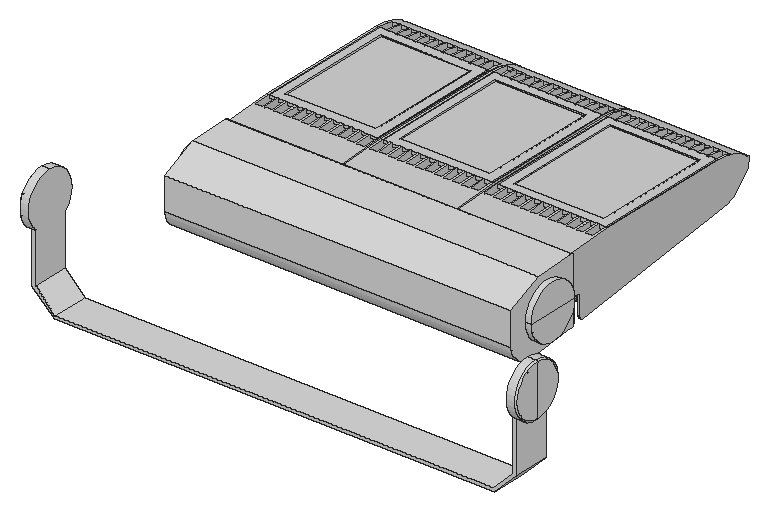
Revit family "0049129 Feilo Sylvania Lighting Fixture SYLVEO LED 30000LM RASYM 3K", category Lighting Fixtures, host Face, Revit 2017
Family settings
  Host = Face
  Round Connector Dimension = Use Diameter
  Part Type = Normal
  OmniClass Number = 23.80.70.00
  OmniClass Title = Lighting
  Cut with Voids When Loaded = No
  Light Source = No
  Shared = Yes
  Room Calculation Point = No
Parameters (values of type "0049129 SYLVEO LED 30000LM RASYM 3K")
  Weight = "15.844 kg"
  Wattage Comments = "n/a"
  WarrantyStartDate [instance] = "n/a"
  WarrantyGuarantorParts = "n/a"
  WarrantyDurationUnit = "n/a"
  WarrantyDurationParts = "n/a"
  WarrantyDescription = "n/a"
  Voltage = 230 V
  URL = "http://www.sylvania-lighting.com"
  TypeName = "SYLVEO LED 30000LM RASYM 3K"
  TypeBody_FEILO = Sylveo Extra Large Body : 0049129 SYLVEO LED 30000LM RASYM 3K
  Type Image = <None>
  Type Comments = "n/a"
  TotalWidth_FEILO = 648 mm
  TiltAngle_FEILO [instance] = 0.00°
  StartAngle_FEILO [instance] = -TiltAngle_FEILO  # 0.00°
  SerialNumber [instance] = "n/a"
  PowerFactor = 0
  PowerConsumption = "300.4 W"
  NominalWidth = 0 mm
  NominalLength = 648 mm
  NominalHeight = 392 mm
  Name = "SYLVEO LED 30000LM RASYM 3K"
  ModelReference = "SYLVEO LED 30000LM RASYM 3K"
  ModelNumber = "0049129"
  Material = "aluminium housing, glass diffuser"
  ManufacturerName = "Feilo Sylvania"
  LuminousEfficacy = "103 lm/W"
  LuminaireType = ""
  LightOutputRatio = "100"
  LampsType = Lamp  # "LED"
  LampNominalLuminous = "30935 lm"
  LampMacAdamStep = "6"
  LampColourTemperature = "3000 K"
  LampColourRenderingIndex = "70"
  InstallationDate [instance] = "n/a"
  InputVoltage = "100-240V~"
  InputNominalFrequency = "50 Hz"
  IngressProtection = "IP66"
  ImpactProtectionIndex = "IK08"
  IfcExportType = "IfcLightFixtureType"
  IfcExportAs = "IfcLightFixtureType"
  HingeHeight_FEILO = 121 mm
  HingeDia_FEILO = 70 mm
  ExpectedLife = 50000
  EndAngle_FEILO [instance] = StartAngle_FEILO + 180.00°  # 180.00°
  Material_3_FEILO = none
  Model = "SYLVEO LED 30000LM RASYM 3K"
  Manufacturer = "Feilo Sylvania"
  Lamp = "LED"
  Keynote = "16500"
  Material_2_FEILO = none
  ElectricShockClassification = "Class I"
  DurationUnit = "hours"
  DocumentationLiterature = "http://www.sylvania-lighting.com/product/en-int/products/0049129"
  DimmingControlOptions = "Non dimmable"
  Description = "Exterior LED Floodlight, comes complete with a 1000mm cable and adjustable bracket, aluminium housing, clear glass diffuser, IP66, IK08, Class I, 3000K, Non-dimming, 30935lm, 300W, 103lm/W, 8400mA, CRI70, 52°x117° beam angle, 50000hrs, (LxWxD) 98x648x392mm"
  Default Elevation = 1219.2 mm
  CreatedOn = "12/18/2017"
  CreatedBy = ""
  Cost = 0
  built-in parameter 1114216 [instance] = (empty or 0)
  ClassificationValue = "EF_70_80"
  ClassificationName = "Uniclass2015"
  BracketWidth_FEILO = 48 mm
  BracketThickness_FEILO = 4.5 mm
  BracketInnerWidth_FEILO = 623 mm
  BracketFold_FEILO = 30 mm
  BracketExtrusionStart_FEILO = -BracketWidth_FEILO / 2  # -24 mm
  BracketExtrusionEnd_FEILO = BracketWidth_FEILO / 2  # 24 mm
  Material_1_FEILO = Body-Sylvania-Sylveo-Aluminium
  BarCode [instance] = "n/a"
  AssetType = "Fixed"
  AssetIdentifier [instance] = "n/a"
  Assembly Code = "D5020200"
  Apparent Load = 300.4 VA
  Material_4_FEILO = none
Reference planes
  plane 1 "Center (Front/Back)": y = 0
  plane 2: z = 0
  plane 3 "Center (Left/Right)": x = 0
  plane 4: x = 311.5
  plane 5: x = -311.5
  plane 6: z = 121
  plane 7: x = 324
  plane 8: x = -324
  plane 9: z = 156
  plane 10: z = 86
  plane 11: x = 322
  plane 12: x = -322
  plane 13: x = 316
  plane 14: x = -316
  plane 15: z = 4.5
  plane 16: z = 30
  plane 17: x = 286
  plane 18: x = -286
  plane 19: z = 88
Forms (mm)
  Extrusion 1, solid, material "Body-Sylvania-Sylveo-Aluminium" <- "Material_1_FEILO"
    sketch origin (0, 0, 0) x (1, 0, 0) y (0, 0, 1)
      loop
        line (0, 4.5) -> (0, 0) -> (286.828, 0) -> (316, 29.172) -> (316, 121) -> (311.5, 121) -> (311.5, 30) -> (286, 4.5) -> (0, 4.5)
    from -24 <- "BracketExtrusionStart_FEILO" to 24 <- "BracketExtrusionEnd_FEILO"
  Extrusion 2, solid, material "Body-Sylvania-Sylveo-Aluminium" <- "Material_1_FEILO"
    sketch origin (0, 0, 0) x (-1, 0, 0) y (0, 0, -1)
      loop
        line (0, -4.5) -> (286, -4.5) -> (311.5, -30) -> (311.5, -121) -> (316, -121) -> (316, -29.172) -> (286.828, 0) -> (0, 0) -> (0, -4.5)
    from -24 <- "BracketExtrusionStart_FEILO" to 24 <- "BracketExtrusionEnd_FEILO"
  Revolve 3, solid, material "Body-Sylvania-Sylveo-Aluminium" <- "Material_1_FEILO"
    sketch origin (0, 0, 0) x (1, 0, 0) y (0, 0, 1)
      loop
        line (-311.5, 121) -> (-324, 121) -> (-324, 88) -> (-322, 86) -> (-311.5, 86) -> (-311.5, 121)
      axis (-311.5, 121) -> (-324, 121)
    angle from 0 to 360
  Revolve 4, solid, material "Body-Sylvania-Sylveo-Aluminium" <- "Material_1_FEILO"
    sketch origin (0, 0, 0) x (-1, 0, 0) y (0, 0, 1)
      loop
        line (-311.5, 121) -> (-324, 121) -> (-324, 88) -> (-322, 86) -> (-311.5, 86) -> (-311.5, 121)
      axis (-311.5, 121) -> (-324, 121)
    angle from 0 to 360
  Revolve 5, solid, not visible
    sketch origin (181.107, 0, 121) x (1, 0, 0) y (0, 1, 0)
      loop
        line (-191.101, 0) -> (-171.112, 0) -> (-171.112, 10) -> (-191.101, 10) -> (-191.101, 0)
      axis (-171.112, 0) -> (-191.101, 0)
    angle from 0 <- "StartAngle_FEILO" to 180 <- "EndAngle_FEILO"
Cuts and joins
  joined: Extrusion 1, Extrusion 2, Revolve 3, Revolve 4
Dimensions and locks
  equal spacing: plane 5, plane 3 "Center (Left/Right)", plane 4
  "BracketInnerWidth_FEILO": plane 5 to plane 4
  equal spacing: plane 7, plane 3 "Center (Left/Right)", plane 8
  "TotalWidth_FEILO": plane 7 to plane 8
  "HingeHeight_FEILO": plane 2 to plane 6
  equal spacing: plane 10, plane 6, plane 9
  "HingeDia_FEILO": plane 10 to plane 9
  equal spacing: plane 11, plane 3 "Center (Left/Right)", plane 12
  equal spacing: plane 13, plane 3 "Center (Left/Right)", plane 14
  "BracketFold_FEILO": plane 2 to plane 16
  "BracketThickness_FEILO": plane 2 to plane 15
  equal spacing: plane 17, plane 3 "Center (Left/Right)", plane 18
  locked: plane 19 to plane 10 at 2
  locked: Revolve 5 sketch curve to Revolve 5 sketch curve at 10
  equal spacing: Revolve 5 sketch curve, plane 3 "Center (Left/Right)", Revolve 5 sketch curve
  locked: Revolve 5 sketch curve to Revolve 5 sketch curve at 19.988
  locked: plane 7 to plane 11 at 2
  "BracketFold_FEILO": plane 13 to plane 17
  "BracketThickness_FEILO": plane 4 to plane 13
  aligned and locked: plane 2 to host face
  aligned and locked: level to host face
  aligned and locked: plane 10 to Revolve 3 sketch curve
  aligned and locked: Revolve 3 sketch curve to plane 8
  aligned and locked: plane 5 to Revolve 3 sketch curve
  aligned and locked: Revolve 3 sketch curve to plane 6  (x2)
  aligned and locked: Revolve 5 sketch curve to plane 1 "Center (Front/Back)"
  aligned and locked: plane 3 "Center (Left/Right)" to nested 1
Automatic sketch dimensions
  host sketch curve to host sketch curve = 2438.4 mm  (x2)
  Extrusion 1 sketch curve to plane 3 "Center (Left/Right)" = 0 mm  (x2)
  Extrusion 1 sketch curve to level = 0 mm  (x2)
  Extrusion 1 sketch curve to plane 15 = 0 mm
  Extrusion 1 sketch curve to plane 17 = 0 mm
  plane 4 to Extrusion 1 sketch curve = 0 mm
  Extrusion 1 sketch curve to plane 13 = 0 mm  (x2)
  Extrusion 1 sketch curve to plane 6 = 0 mm  (x2)
  Extrusion 1 sketch curve to plane 16 = 0 mm
  plane 17 to Extrusion 1 sketch curve = 0.828 mm
  Extrusion 1 sketch curve to plane 16 = 0.828 mm
  Extrusion 2 sketch curve to plane 3 "Center (Left/Right)" = 0 mm  (x2)
  Extrusion 2 sketch curve to level = 0 mm  (x2)
  Extrusion 2 sketch curve to plane 15 = 0 mm
  plane 18 to Extrusion 2 sketch curve = 0 mm
  plane 5 to Extrusion 2 sketch curve = 0 mm
  plane 14 to Extrusion 2 sketch curve = 0 mm  (x2)
  Extrusion 2 sketch curve to plane 6 = 0 mm  (x2)
  Extrusion 2 sketch curve to plane 16 = 0 mm
  Extrusion 2 sketch curve to plane 18 = 0.828 mm
  plane 16 to Extrusion 2 sketch curve = 0.828 mm
  plane 12 to Revolve 3 sketch curve = 0 mm
  Revolve 3 sketch curve to plane 19 = 0 mm
  plane 8 to Revolve 3 sketch curve = 77.715 mm
  plane 7 to Revolve 3 sketch curve = 78.607 mm
  Revolve 4 sketch curve to plane 6 = 0 mm  (x2)
  Revolve 4 sketch curve to plane 7 = 0 mm
  Revolve 4 sketch curve to plane 10 = 0 mm
  Revolve 4 sketch curve to plane 11 = 0 mm
  plane 4 to Revolve 4 sketch curve = 0 mm
  Revolve 4 sketch curve to plane 19 = 0 mm
  Revolve 4 sketch curve to Revolve 4 sketch curve = 77.715 mm
  Revolve 4 sketch curve to plane 8 = 78.607 mm
  plane 1 "Center (Front/Back)" to Revolve 5 sketch curve = 0 mm
  plane 8 to Revolve 5 sketch curve = 1421.5 mm
  plane 7 to Revolve 5 sketch curve = 1421.5 mm
Nested families
  nested 1: "Sylveo Extra Large Body" at (0, 137.375, 121), type <- "TypeBody_FEILO", type "0049129 SYLVEO LED 30000LM RASYM 3K"
    with Apparent Load 300.4 VA
Connectors
  electrical at (0, 0, 0), driven by "Apparent Load"
    settings: index 1, voltage 230 V, apparent load 300.4 VA, apparent load phase1 0 VA, apparent load phase2 0 VA, apparent load phase3 0 VA, power factor 0, load classification "Lighting", number of poles 1, system type 30, power factor state 1, is connector primary yes, connector utility no, sub classification motor no, connector description ""
Definition of nested family "Sylveo Extra Large Body"
  Parameters (values of type "0049147 SYLVEO LED 20000LM RASYM 4K DALI ")
    Weight = "11.516 kg"
    Wattage Comments = ""
    Wattage = 202 W
    WarrantyStartDate [instance] = "n/a"
    WarrantyGuarantorParts = "n/a"
    WarrantyDurationUnit = "n/a"
    WarrantyDurationParts = "n/a"
    WarrantyDescription = "n/a"
    built-in parameter 1150110 = 1 (stored number, unit not read)
    Voltage = 230 V
    URL = "http://www.feilosylvania.com"
    TypeName = "SYLVEO LED 20000LM RASYM 4K DALI"
    Type Image = (empty or 0)
    Type Comments = "n/a"
    built-in parameter 1114217 = 1 (stored number, unit not read)
    Tilt Angle = -90.00°
    built-in parameter 1150109 = 1 (stored number, unit not read)
    built-in parameter 1150134 = 12
    built-in parameter 1150113 = 1 (stored number, unit not read)
    SerialNumber [instance] = "n/a"
    Photometric Web File = "0049147.ies"
    Material_3_FEILO = none
    PowerFactor = 0.95
    PowerConsumption = "202 W"
    NominalLength = 98 mm
    NominalHeight = 392 mm
    NominalDepth = 496 mm
    Name = "SYLVEO LED 20000LM RASYM 4K DALI"
    ModelReference = Name  # "SYLVEO LED 20000LM RASYM 4K DALI"
    ModelNumber = "0049147"
    Model = Name  # "SYLVEO LED 20000LM RASYM 4K DALI"
    Material = "aluminum housing, glass diffuser"
    ManufacturerName = "Feilo Sylvania"
    Manufacturer = "Feilo Sylvania"
    LuminousEfficacy = "106.6 lm/W"
    built-in parameter 1150105 = 11127.1 (stored number, unit not read)
    Lumens = 21533.2 lm
    LuminaireType = ""
    built-in parameter 1150115 = 1 (stored number, unit not read)
    LightOutputRatio = "1"
    built-in parameter 1150137 = (empty or 0)
    built-in parameter 1150139 = (empty or 0)
    LampsType = Lamp  # "LED"
    LampNominalLuminous = "21542 lm"
    LampMacAdamStep = "6"
    LampColourTemperature = "4000 K"
    LampColourRenderingIndex = "70"
    built-in parameter 1150112 = 1 (stored number, unit not read)
    built-in parameter 1150114 = 1 (stored number, unit not read)
    Lamp = "LED"
    Keynote = "16500"
    InstallationDate [instance] = "n/a"
    InputVoltage = "100-240V~"
    InputNominalFrequency = "50/60 Hz"
    built-in parameter 1150132 = (empty or 0)
    built-in parameter 1150102 = (empty or 0)
    built-in parameter 1150107 = 4000 (stored number, unit not read)
    built-in parameter 1150138 = (empty or 0)
    IngressProtection = "IP66"
    ImpactProtectionIndex = "IK08"
    built-in parameter 1150106 = 111.27 (stored number, unit not read)
    IfcExportType = "IfcLightFixtureType"
    IfcExportAs = "IfcLightFixtureType"
    ExpectedLife = 50000
    Emit from Rectangle Width = 156 mm
    Emit from Rectangle Length = 415.5 mm
    Emit Shape Visible in Rendering = no
    ElectricShockClassification = "Class I"
    built-in parameter 1150104 = 9.9035 (stored number, unit not read)
    DurationUnit = "hours"
    DocumentationLiterature = "http://www.feilosylvania.com/product/en-int/products/0049147"
    DimmingControlOptions = "Dimmable"
    Material_2_FEILO = none
    Dimming Lamp Color Temperature Shift = (empty or 0)
    Description = "Exterior LED floodlight, comes complete with a 1000mm cable and adjustable bracket, aluminium housing, clear glass diffuser, 21542lm, 201W, 107lm/W, 4000K, 5002mA, CRI70, 52°x117° beam angle, DALI dimmable, IP66, IK08, Class I, 50000hrs, (LxWxD) 98x496x392mm"
    Default Elevation = 1219.2 mm
    CreatedOn = "1/9/2018"
    CreatedBy = "aron.fodor@feilosylvania.com"
    Cost = 0
    Color Filter = 16777215
    built-in parameter 1114216 [instance] = (empty or 0)
    ClassificationValue = "EF_70_80"
    ClassificationName = "Uniclass2015"
    Material_1_FEILO = none
    BarCode [instance] = "n/a"
    built-in parameter 1114218 = 1 (stored number, unit not read)
    built-in parameter 1150133 = 10 (stored number, unit not read)
    AssetType = "Fixed"
    AssetIdentifier [instance] = "n/a"
    Assembly Code = "D5020200"
    Apparent Load = 202 VA
    Material_4_FEILO = none
  Types (9, lengths in mm): name | Weight | Wattage | TypeName | built-in parameter 1150134 | Photometric Web File | PowerFactor | PowerConsumption | NominalLength | NominalDepth | Name | ModelReference | ModelNumber | Model | Material | LuminousEfficacy | built-in parameter 1150105 | Lumens | LightOutputRatio | LampNominalLuminous | LampColourTemperature | InputNominalFrequency | built-in parameter 1150107 | built-in parameter 1150106 | built-in parameter 1150104 | DocumentationLiterature | DimmingControlOptions | Description | Apparent Load
    0049147 SYLVEO LED 20000LM RASYM 4K DALI | "11.516 kg" | 202 W | "SYLVEO LED 20000LM RASYM 4K DALI" | 12 | "0049147.ies" | 0.95 | "202 W" | 98 | 496 | "SYLVEO LED 20000LM RASYM 4K DALI" | "SYLVEO LED 20000LM RASYM 4K DALI" | "0049147" | "SYLVEO LED 20000LM RASYM 4K DALI" | "aluminum housing, glass diffuser" | "106.6 lm/W" | 11127.1 (stored number, unit not read) | 21533.2 lm | "1" | "21542 lm" | "4000 K" | "50/60 Hz" | 4000 (stored number, unit not read) | 111.27 (stored number, unit not read) | 9.9035 (stored number, unit not read) | "http://www.feilosylvania.com/product/en-int/products/0049147" | "Dimmable" | "Exterior LED floodlight, comes complete with a 1000mm cable and adjustable bracket, aluminium housing, clear glass diffuser, 21542lm, 201W, 107lm/W, 4000K, 5002mA, CRI70, 52°x117° beam angle, DALI dimmable, IP66, IK08, Class I, 50000hrs, (LxWxD) 98x496x392mm" | 202 VA
    0049146 SYLVEO LED 20000LM WIDE 4K DALI | "11.516 kg" | 200 W | "SYLVEO LED 20000LM WIDE 4K DALI" | 12 | "0049146.ies" | 0.95 | "200 W" | 98 | 496 | "SYLVEO LED 20000LM WIDE 4K DALI" | "SYLVEO LED 20000LM WIDE 4K DALI" | "0049146" | "SYLVEO LED 20000LM WIDE 4K DALI" | "aluminum housing, glass diffuser" | "106.4 lm/W" | 25856.7 (stored number, unit not read) | 21280 lm | "1" | "21281 lm" | "4000 K" | "50/60 Hz" | 4000 (stored number, unit not read) | 258.57 (stored number, unit not read) | 9.8849 (stored number, unit not read) | "http://www.feilosylvania.com/product/en-int/products/0049146" | "Dimmable" | "Exterior LED floodlight, comes complete with a 1000mm cable and adjustable bracket, aluminium housing, clear glass diffuser, 21281lm, 200W, 106lm/W, 4000K, 5002mA, CRI70, 52° beam angle, DALI dimmable, IP66, IK08, Class I, 50000hrs, (LxWxD) 98x496x392mm" | 200 VA
    0049145 SYLVEO LED 20000LM NAR 4K DALI | "11.516 kg" | 201 W | "SYLVEO LED 20000LM NAR 4K DALI" | 12 | "0049145.ies" | 0.95 | "201 W" | 98 | 496 | "SYLVEO LED 20000LM NAR 4K DALI" | "SYLVEO LED 20000LM NAR 4K DALI" | "0049145" | "SYLVEO LED 20000LM NAR 4K DALI" | "aluminum housing, glass diffuser" | "107.5 lm/W" | 50417.9 (stored number, unit not read) | 21607.5 lm | "1" | "21605 lm" | "4000 K" | "50/60 Hz" | 4000 (stored number, unit not read) | 504.18 (stored number, unit not read) | 9.9871 (stored number, unit not read) | "http://www.feilosylvania.com/product/en-int/products/0049145" | "Dimmable" | "Exterior LED floodlight, comes complete with a 1000mm cable and adjustable bracket, aluminium housing, clear glass diffuser, 21605lm, 201W, 108lm/W, 4000K, 5002mA, CRI70, 30° beam angle, DALI dimmable, IP66, IK08, Class I, 50000hrs, (LxWxD) 98x496x392mm" | 201 VA
    0049123 SYLVEO LED 20000LM RASYM 3K | "11.516 kg" | 201.3 W | "SYLVEO LED 20000LM RASYM 3K" | (empty or 0) | "0049123.ies" | 0 | "201.3 W" | 496 | 98 | "SYLVEO LED 20000LM RASYM 3K" | "SYLVEO LED 20000LM RASYM 3K" | "0049123" | "SYLVEO LED 20000LM RASYM 3K" | "aluminium housing, glass diffuser" | "102.5 lm/W" | 10660.6 (stored number, unit not read) | 20633.3 lm | "100" | "20639 lm" | "3000 K" | "50 Hz" | 3000 (stored number, unit not read) | 106.61 (stored number, unit not read) | 9.5226 (stored number, unit not read) | "http://www.feilosylvania.com/product/en-int/products/0049123" | "Non dimmable" | "Exterior LED Floodlight, comes complete with a 1000mm cable and adjustable bracket, aluminium housing, clear glass diffuser, IP66, IK08, Class I, 3000K, Non-dimming, 20639lm, 201W, 103lm/W, 4800mA, CRI70, 52°x117° beam angle, 50000hrs, (LxWxD) 98x496x392mm, Asmmetric" | 201.3 VA
    0049122 SYLVEO LED 20000LM WIDE 3K | "11.5 kg" | 201.3 W | "SYLVEO LED 20000LM WIDE 3K" | (empty or 0) | "0049122.ies" | 0 | "201.3 W" | 496 | 98 | "SYLVEO LED 20000LM WIDE 3K" | "SYLVEO LED 20000LM WIDE 3K" | "0049122" | "SYLVEO LED 20000LM WIDE 3K" | "aluminium housing, glass diffuser" | "102.5 lm/W" | 25192 (stored number, unit not read) | 20633.3 lm | "100" | "20633 lm" | "3000 K" | "50 Hz" | 3000 (stored number, unit not read) | 251.92 (stored number, unit not read) | 9.5226 (stored number, unit not read) | "http://www.feilosylvania.com/product/en-int/products/0049122" | "Non dimmable" | "Exterior LED Floodlight, comes complete with a 1000mm cable and adjustable bracket, aluminium housing, clear glass diffuser, IP66, IK08, Class I, 3000K, Non-dimming, 20633lm, 201W, 103lm/W, 4800mA, CRI70, 52° beam angle, 50000hrs, (LxWxD) 98x496x392mm" | 201.3 VA
    0049121 SYLVEO LED 20000LM NAR 3K | "11.552 kg" | 200.6 W | "SYLVEO LED 20000LM NAR 3K" | (empty or 0) | "0049121.ies" | 0 | "200.6 W" | 496 | 98 | "SYLVEO LED 20000LM NAR 3K" | "SYLVEO LED 20000LM NAR 3K" | "0049121" | "SYLVEO LED 20000LM NAR 3K" | "aluminium housing, glass diffuser" | "103.9 lm/W" | 50639 (stored number, unit not read) | 20842.3 lm | "100" | "20834 lm" | "3000 K" | "50 Hz" | 3000 (stored number, unit not read) | 506.39 (stored number, unit not read) | 9.6526 (stored number, unit not read) | "http://www.feilosylvania.com/product/en-int/products/0049121" | "Non dimmable" | "Exterior LED Floodlight, comes complete with a 1000mm cable and adjustable bracket, aluminium housing, clear glass diffuser, IP66, IK08, Class I, 3000K, Non-dimming, 20834lm, 201W, 104lm/W, 4800mA, CRI70, 30° beam angle, 50000hrs, (LxWxD) 98x496x392mm" | 200.6 VA
    0049120 SYLVEO LED 20000LM RASYM 4K | "11.318 kg" | 200.6 W | "SYLVEO LED 20000LM RASYM 4K" | 12 | "0049120.ies" | 0 | "200.6 W" | 496 | 98 | "SYLVEO LED 20000LM RASYM 4K" | "SYLVEO LED 20000LM RASYM 4K" | "0049120" | "SYLVEO LED 20000LM RASYM 4K" | "aluminium housing, glass diffuser" | "107.4 lm/W" | 11131.4 (stored number, unit not read) | 21544.4 lm | "100" | "21546 lm" | "4000 K" | "50 Hz" | 4000 (stored number, unit not read) | 111.31 (stored number, unit not read) | 9.9778 (stored number, unit not read) | "http://www.feilosylvania.com/product/en-int/products/0049120" | "Non dimmable" | "Exterior LED Floodlight, comes complete with a 1000mm cable and adjustable bracket, aluminium housing, clear glass diffuser, IP66, IK08, Class I, 4000K, Non-dimming, 21546lm, 201W, 107lm/W, 4800mA, CRI70, 52°x117° beam angle, 50000hrs, (LxWxD) 98x496x392mm" | 200.6 VA
    0049119 SYLVEO LED 20000LM WIDE 4K | "11.472 kg" | 200.5 W | "SYLVEO LED 20000LM WIDE 4K" | 12 | "0049119.ies" | 0 | "200.5 W" | 496 | 98 | "SYLVEO LED 20000LM WIDE 4K" | "SYLVEO LED 20000LM WIDE 4K" | "0049119" | "SYLVEO LED 20000LM WIDE 4K" | "aluminium housing, glass diffuser" | "107.3 lm/W" | 27146.8 (stored number, unit not read) | 21513.6 lm | "100" | "21514 lm" | "4000 K" | "50 Hz" | 4000 (stored number, unit not read) | 271.47 (stored number, unit not read) | 9.9685 (stored number, unit not read) | "http://www.feilosylvania.com/product/en-int/products/0049119" | "Non dimmable" | "Exterior LED Floodlight, comes complete with a 1000mm cable and adjustable bracket, aluminium housing, clear glass diffuser, IP66, IK08, Class I, 4000K, Non-dimming, 21514lm, 201W, 107lm/W, 4800mA, CRI70, 52° beam angle, 50000hrs, (LxWxD) 98x496x392mm" | 200.5 VA
    0049118 SYLVEO LED 20000LM NAR 4K | "11.496 kg" | 201.2 W | "SYLVEO LED 20000LM NAR 4K" | 12 | "0049118.ies" | 0 | "201.2 W" | 496 | 98 | "SYLVEO LED 20000LM NAR 4K" | "SYLVEO LED 20000LM NAR 4K" | "0049118" | "SYLVEO LED 20000LM NAR 4K" | "aluminium housing, glass diffuser" | "107.4 lm/W" | 52850.4 (stored number, unit not read) | 21608.9 lm | "100" | "21609 lm" | "4000 K" | "50 Hz" | 4000 (stored number, unit not read) | 528.5 (stored number, unit not read) | 9.9778 (stored number, unit not read) | "http://www.feilosylvania.com/product/en-int/products/0049118" | "Non dimmable" | "Exterior LED Floodlight, comes complete with a 1000mm cable and adjustable bracket, aluminium housing, clear glass diffuser, IP66, IK08, Class I, 4000K, Non-dimming, 21609lm, 201W, 107lm/W, 4000K, 4800mA, CRI70, 30° beam angle, 50000hrs, (LxWxD) 98x496x392mm" | 201.2 VA
  Reference planes
    plane 1 "Center (Front/Back)": y = 0
    plane 2: z = 0
    plane 3 "Center (Left/Right)": x = 0
    plane 4: x = 248
    plane 5: x = -248
    plane 6: x = 225.5
    plane 7: x = -225.5
    plane 8: y = 35
    plane 9: x = -234
    plane 10: x = 234
    plane 11: y = 43
    plane 12: y = -12
    plane 13: y = -58
    plane 14: z = 46
    plane 15: z = 43
    plane 16: z = 23
    plane 17: z = -20
    plane 18: y = -23
    plane 19: z = -40
    plane 20: z = -47
    plane 21: x = -149
    plane 22: x = 149
  Forms (mm)
    Extrusion 1, solid
      sketch origin (4.2, 0, 0) x (1, 0, 0) y (0, 1, 0)
        loop
          line (-1219.2, 1219.2) -> (-1219.2, -1219.2) -> (1219.2, -1219.2) -> (1219.2, 1219.2) -> (-1219.2, 1219.2)
      from 0 to -68.017
    Extrusion 2, solid, material <- "Material_1_FEILO"
      sketch origin (0, 0, 0) x (0, 1, 0) y (0, 0, 1)
        loop
          line (41.418, 45.914) -> (-12, 43)
          arc (-12, 43) -> (-35.432, 33.994) -> (-58, 23) r 290.694
          line (-58, 23) -> (-58, -20)
          arc (-58, -20) -> (-45.914, -40.518) -> (-23, -47) r 31.99
          line (-23, -47) -> (40.738, -40.24)
          arc (40.738, -40.24) -> (42.351, -39.416) -> (43, -37.725) r 2.529
          line (43, -37.725) -> (43, 44.416)
          arc (43, 44.416) -> (42.531, 45.505) -> (41.418, 45.914) r 1.5
      from -225.5 to 225.5
    Revolve 3, solid, material <- "Material_1_FEILO"
      sketch origin (0, 0, 0) x (1, 0, 0) y (0, 1, 0)
        loop
          line (-234, 35) -> (-234, 0) -> (-225.5, 0) -> (-225.5, 35) -> (-234, 35)
        loop
          line (234, 0) -> (234, 35) -> (225.5, 35) -> (225.5, 0) -> (234, 0)
        axis (234, 0) -> (-234, 0)
      angle from 360 to 0
  Cuts and joins
    joined: Extrusion 2, Revolve 3
  Dimensions and locks
    equal spacing: plane 5, plane 3 "Center (Left/Right)", plane 4
    locked: plane 5 to plane 4 at 496
    equal spacing: plane 7, plane 3 "Center (Left/Right)", plane 6
    locked: plane 5 to plane 7 at 22.5
    plane 1 "Center (Front/Back)" to plane 8 = 35 mm
    equal spacing: plane 9, plane 3 "Center (Left/Right)", plane 10
    locked: plane 9 to plane 10 at 468
    plane 13 to plane 18 to plane 12 to plane 1 "Center (Front/Back)" to plane 8 to plane 11 = 35 mm locked, 11 mm locked, 12 mm locked, 35 mm locked, 8 mm locked
    plane 14 to plane 15 to plane 16 to plane 2 to plane 17 to plane 19 = 3 mm locked, 20 mm locked, 23 mm locked, 20 mm locked, 20 mm locked
    locked: plane 20 to plane 19 at 7
    equal spacing: plane 21, plane 3 "Center (Left/Right)", plane 22
    locked: plane 21 to plane 3 "Center (Left/Right)" at 149
    aligned and locked: plane 2 to Extrusion 1
    aligned and locked: level to Extrusion 1
    aligned and locked: Extrusion 2 sketch curve to plane 11
    aligned and locked: plane 13 to Extrusion 2 sketch curve
    aligned and locked: plane 6 to Extrusion 2
    aligned and locked: Extrusion 2 to plane 7
    aligned and locked: plane 8 to Revolve 3 sketch curve  (x2)
    aligned and locked: plane 9 to Revolve 3 sketch curve
    aligned and locked: Revolve 3 sketch curve to plane 1 "Center (Front/Back)"  (x3)
    aligned and locked: Revolve 3 sketch curve to plane 7
    aligned and locked: Revolve 3 sketch curve to plane 10
    aligned and locked: plane 6 to Revolve 3 sketch curve
    aligned and locked: plane 2 to nested 1
    aligned and locked: plane 3 "Center (Left/Right)" to nested 1
    aligned and locked: plane 21 to nested 3
    aligned and locked: plane 22 to nested 2
    aligned and locked: plane 2 to nested 2
    aligned and locked: plane 2 to nested 3
    aligned and locked: imposter light to nested 2
    aligned and locked: imposter light to nested 1
    aligned and locked: imposter light to plane 3 "Center (Left/Right)"
  Automatic sketch dimensions
    Extrusion 1 sketch curve to Extrusion 1 sketch curve = 2438.4 mm  (x2)
    Extrusion 2 sketch curve to plane 18 = 0 mm
    Extrusion 2 sketch curve to plane 12 = 0 mm
    plane 20 to Extrusion 2 sketch curve = 0 mm
    plane 17 to Extrusion 2 sketch curve = 0 mm
    plane 16 to Extrusion 2 sketch curve = 0 mm
    plane 15 to Extrusion 2 sketch curve = 0 mm
    plane 18 to Extrusion 2 sketch curve = 3.374 mm
    Extrusion 2 sketch curve to Extrusion 2 sketch curve = 2.529 mm
    plane 19 to Extrusion 2 sketch curve = 0.24 mm
    plane 11 to Extrusion 2 sketch curve = 2.262 mm
    plane 14 to Extrusion 2 sketch curve = 0.086 mm
    plane 11 to Extrusion 2 sketch curve = 1.582 mm
    Extrusion 2 sketch curve to plane 15 = 1.416 mm
    Extrusion 2 sketch curve to plane 11 = 37.475 mm
    Revolve 3 sketch curve to plane 5 = 1276 mm
    plane 4 to Revolve 3 sketch curve = 1276 mm
  Nested families
    nested 1: "Sylveo Extra Large Screen Module" at (0, 43, 48) x (1, 0, 0) z (0, 1, 0), type "Type Name"
    nested 2: "Sylveo Extra Large Screen Module" at (149, 43, 48) x (1, 0, 0) z (0, 1, 0), type "Type Name"
    nested 3: "Sylveo Extra Large Screen Module" at (-149, 43, 48) x (1, 0, 0) z (0, 1, 0), type "Type Name"
  Definition of nested family "Sylveo Extra Large Screen Module"
    Parameters (values of type "Type Name")
      URL = "http://www.feilosylvania.com"
      Type Image = (empty or 0)
      Type Comments = "n/a"
      Material_3_FEILO = none
      Model = ""
      Manufacturer = "Feilo Sylvania"
      Keynote = ""
      Material_2_FEILO = none
      Description = ""
      Default Elevation = 1219.2 mm
      Cost = 0
      Material_1_FEILO = none
      Assembly Code = ""
      Material_4_FEILO = none
    Reference planes
      plane 1 "Center (Front/Back)": y = 0
      plane 2: z = 0
      plane 3 "Center (Left/Right)": x = 0
      plane 4: x = 73.5
      plane 5: x = -73.5
      plane 6: z = 290
      plane 7: z = 262.5
      plane 8: z = 241.5
      plane 9: z = 229.5
      plane 10: x = -71
      plane 11: x = 71
      plane 12: x = -59
      plane 13: x = 59
      plane 14: z = 61.5
      plane 15: z = 73.5
      plane 16: y = 16
      plane 17: y = 31
      plane 18: y = 56
      plane 19: y = 88
      plane 20: z = 16
      plane 21: z = 6
      plane 22: y = 4
      plane 23: x = -61.5
      plane 24: x = -49.5
      plane 25: x = -47
      plane 26: x = -37.5
      plane 27: x = -35
      plane 28: x = -25.5
      plane 29: x = -23
      plane 30: x = -13.5
      plane 31: x = -11
      plane 32: x = -1.5
      plane 33: x = 1
      plane 34: x = 10.5
      plane 35: x = 13
      plane 36: x = 22.5
      plane 37: x = 25
      plane 38: x = 34.5
      plane 39: x = 37
      plane 40: x = 46.5
      plane 41: x = 49
      plane 42: x = 58.5
      plane 43: x = 61
      plane 44: z = 40.5
      plane 45: y = 92
      plane 46: y = 48
      plane 47: z = 30.5
      plane 48: y = 1
      plane 49: z = 151.5
    Forms (mm)
      Extrusion 1, solid
        sketch origin (4.2, 0, 0) x (1, 0, 0) y (0, 1, 0)
          loop
            line (-1219.2, 1219.2) -> (-1219.2, -1219.2) -> (1219.2, -1219.2) -> (1219.2, 1219.2) -> (-1219.2, 1219.2)
        from 0 to -68.017
      Extrusion 2, solid, material <- "Material_1_FEILO", detail levels medium+fine
        sketch origin (0, 0, 0) x (0, 1, 0) y (0, 0, 1)
          loop
            line (0, 241.5) -> (0, 61.5) -> (4, 0) -> (88, 0) -> (88, 5)
            arc (88, 5) -> (87.707, 5.707) -> (87, 6) r 1
            line (87, 6) -> (58, 6)
            arc (58, 6) -> (56.586, 6.586) -> (56, 8) r 2
            line (56, 8) -> (56, 14)
            arc (56, 14) -> (56.586, 15.414) -> (58, 16) r 2
            line (58, 16) -> (82.836, 16)
            arc (82.836, 16) -> (86.711, 17.379) -> (88.136, 21.237) r 4.853
            arc (88.136, 21.237) -> (75.429, 138.984) -> (57.18, 256.001) r 2509.59
            arc (57.18, 256.001) -> (55.179, 262.077) -> (51.577, 267.365) r 22.945
            line (51.577, 267.365) -> (31, 290) -> (16, 290)
            arc (16, 290) -> (4.103, 267.036) -> (0, 241.5) r 81.508
        from -73.5 to 73.5
      Extrusion 3, void
        sketch origin (0, 0, 0) x (1, 0, 0) y (0, 0, 1)
          loop
            line (-71, 262.5) -> (-71, 40.5) -> (-61.5, 40.5) -> (-61.5, 262.5) -> (-71, 262.5)
          loop
            line (-59, 262.5) -> (-59, 40.5) -> (-49.5, 40.5) -> (-49.5, 262.5) -> (-59, 262.5)
          loop
            line (-47, 262.5) -> (-47, 40.5) -> (-37.5, 40.5) -> (-37.5, 262.5) -> (-47, 262.5)
          loop
            line (-35, 262.5) -> (-35, 40.5) -> (-25.5, 40.5) -> (-25.5, 262.5) -> (-35, 262.5)
          loop
            line (-23, 262.5) -> (-23, 40.5) -> (-13.5, 40.5) -> (-13.5, 262.5) -> (-23, 262.5)
          loop
            line (-11, 262.5) -> (-11, 40.5) -> (-1.5, 40.5) -> (-1.5, 262.5) -> (-11, 262.5)
          loop
            line (1, 262.5) -> (1, 40.5) -> (10.5, 40.5) -> (10.5, 262.5) -> (1, 262.5)
          loop
            line (13, 262.5) -> (13, 40.5) -> (22.5, 40.5) -> (22.5, 262.5) -> (13, 262.5)
          loop
            line (25, 262.5) -> (25, 40.5) -> (34.5, 40.5) -> (34.5, 262.5) -> (25, 262.5)
          loop
            line (37, 262.5) -> (37, 40.5) -> (46.5, 40.5) -> (46.5, 262.5) -> (37, 262.5)
          loop
            line (49, 262.5) -> (49, 40.5) -> (58.5, 40.5) -> (58.5, 262.5) -> (49, 262.5)
          loop
            line (61, 262.5) -> (61, 40.5) -> (71, 40.5) -> (71, 262.5) -> (61, 262.5)
        from -88 to 0
      Extrusion 4, void
        sketch origin (0, 0, 0) x (0, 1, 0) y (0, 0, 1)
          loop
            line (83.385, 40.5) -> (48, 40.5) -> (48, 6) -> (92, 6) -> (92, 43.121) -> (85.747, 43.121)
            arc (85.747, 43.121) -> (85.149, 41.285) -> (83.385, 40.5) r 2.374
        from -71 to 71
      Extrusion 5, solid, material <- "Material_1_FEILO", detail levels coarse
        sketch origin (0, 0, 0) x (0, 1, 0) y (0, 0, 1)
          loop
            line (51.577, 267.365) -> (31, 290) -> (16, 290)
            arc (16, 290) -> (4.103, 267.036) -> (0, 241.5) r 81.508
            line (0, 241.5) -> (0, 61.5) -> (4, 0) -> (88, 0) -> (88, 5)
            arc (88, 5) -> (87.707, 5.707) -> (87, 6) r 1
            line (87, 6) -> (58, 6)
            arc (58, 6) -> (56.586, 6.586) -> (56, 8) r 2
            line (56, 8) -> (56, 14)
            arc (56, 14) -> (56.586, 15.414) -> (58, 16) r 2
            line (58, 16) -> (82.836, 16)
            arc (82.836, 16) -> (86.711, 17.379) -> (88.136, 21.237) r 4.853
            arc (88.136, 21.237) -> (75.429, 138.984) -> (57.18, 256.001) r 2509.59
            arc (57.18, 256.001) -> (55.179, 262.077) -> (51.577, 267.365) r 22.945
        from -73.5 to 73.5
      Extrusion 6, void
        sketch origin (0, 0, 0) x (1, 0, 0) y (0, 0, 1)
          loop
            line (-71, 241.5) -> (-71, 61.5) -> (71, 61.5) -> (71, 241.5) -> (-71, 241.5)
        from 0 to -4
      Extrusion 7, solid, material <- "Material_1_FEILO"
        sketch origin (0, 0, 0) x (1, 0, 0) y (0, 0, 1)
          loop
            line (-71, 241.5) -> (-71, 61.5) -> (71, 61.5) -> (71, 241.5) -> (-71, 241.5)
          loop
            line (-59, 229.5) -> (-59, 73.5) -> (58.5, 73.5) -> (58.5, 229.5) -> (-59, 229.5)
        from -4 to 0
      Extrusion 8, solid, material <- "Material_2_FEILO"
        sketch origin (0, 0, 0) x (1, 0, 0) y (0, 0, 1)
          loop
            line (-59, 229.5) -> (-59, 73.5) -> (58.5, 73.5) -> (58.5, 229.5) -> (-59, 229.5)
        from -1 to -4
    Cuts and joins
      Extrusion 3, Extrusion 4, Extrusion 6 cuts Extrusion 2
      Extrusion 4, Extrusion 6 cuts Extrusion 5
    Dimensions and locks
      plane 1 "Center (Front/Back)" to plane 16 to plane 17 to plane 18 to plane 19 = 16 mm locked, 15 mm locked, 25 mm locked, 32 mm locked
      plane 7 to plane 8 to plane 9 to plane 15 to plane 14 to plane 20 to plane 21 to plane 2 = 21 mm locked, 12 mm locked, 156 mm locked, 12 mm locked, 45.5 mm locked, 10 mm locked, 6 mm locked
      locked: plane 1 "Center (Front/Back)" to plane 22 at 4
      equal spacing: plane 4, plane 3 "Center (Left/Right)", plane 5
      locked: plane 4 to plane 5 at 147
      plane 11 to plane 43 to plane 42 to plane 41 to plane 40 to plane 39 to plane 38 to plane 37 to plane 36 to plane 35 to plane 34 to plane 33 to plane 32 to plane 31 to plane 30 to plane 29 to plane 28 to plane 27 to plane 26 to plane 25 to plane 24 to plane 12 to plane 23 to plane 10 to plane 5 = 10 mm locked, 2.5 mm locked, 9.5 mm locked, 2.5 mm locked, 9.5 mm locked, 2.5 mm locked, 9.5 mm locked, 2.5 mm locked, 9.5 mm locked, 2.5 mm locked, 9.5 mm locked, 2.5 mm locked, 9.5 mm locked, 2.5 mm locked, 9.5 mm locked, 2.5 mm locked, 9.5 mm locked, 2.5 mm locked, 9.5 mm locked, 2.5 mm locked, 9.5 mm locked, 2.5 mm locked, 9.5 mm locked, 2.5 mm locked
      plane 6 to plane 2 = 290 mm
      plane 6 to plane 7 = 27.5 mm
      plane 7 to plane 8 = 21 mm
      plane 8 to plane 9 = 12 mm
      plane 8 to plane 14 = 180 mm
      plane 15 to plane 14 = 12 mm
      locked: plane 14 to plane 44 at 21
      locked: plane 19 to plane 45 at 4
      locked: plane 46 to plane 18 at 8
      locked: plane 20 to plane 47 at 14.5
      locked: plane 1 "Center (Front/Back)" to plane 48 at 1
      equal spacing: plane 9, plane 49, plane 15
      aligned and locked: plane 2 to Extrusion 1
      aligned and locked: level to Extrusion 1
      aligned and locked: plane 1 "Center (Front/Back)" to Extrusion 2 sketch curve  (x2)
      aligned and locked: plane 16 to Extrusion 2 sketch curve
      aligned and locked: plane 6 to Extrusion 2 sketch curve  (x2)
      aligned and locked: plane 17 to Extrusion 2 sketch curve
      aligned and locked: plane 20 to Extrusion 2 sketch curve
      aligned and locked: Extrusion 2 sketch curve to plane 18
      aligned and locked: Extrusion 2 sketch curve to plane 21
      aligned and locked: Extrusion 2 sketch curve to plane 19
      aligned and locked: Extrusion 2 sketch curve to plane 2
      aligned and locked: plane 22 to Extrusion 2 sketch curve
      aligned and locked: plane 14 to Extrusion 2 sketch curve
      aligned and locked: Extrusion 2 to plane 5
      aligned and locked: plane 7 to Extrusion 3 sketch curve  (x12)
      aligned and locked: plane 10 to Extrusion 3 sketch curve
      aligned and locked: Extrusion 3 sketch curve to plane 44  (x12)
      aligned and locked: Extrusion 3 sketch curve to plane 23
      aligned and locked: plane 12 to Extrusion 3 sketch curve
      aligned and locked: Extrusion 3 sketch curve to plane 24
      aligned and locked: plane 25 to Extrusion 3 sketch curve
      aligned and locked: Extrusion 3 sketch curve to plane 26
      aligned and locked: plane 27 to Extrusion 3 sketch curve
      aligned and locked: Extrusion 3 sketch curve to plane 28
      aligned and locked: plane 29 to Extrusion 3 sketch curve
      aligned and locked: Extrusion 3 sketch curve to plane 30
      aligned and locked: plane 31 to Extrusion 3 sketch curve
      aligned and locked: Extrusion 3 sketch curve to plane 32
      aligned and locked: Extrusion 3 sketch curve to plane 34
      aligned and locked: plane 33 to Extrusion 3 sketch curve
      aligned and locked: plane 35 to Extrusion 3 sketch curve
      aligned and locked: Extrusion 3 sketch curve to plane 36
      aligned and locked: plane 37 to Extrusion 3 sketch curve
      aligned and locked: Extrusion 3 sketch curve to plane 38
      aligned and locked: plane 39 to Extrusion 3 sketch curve
      aligned and locked: Extrusion 3 sketch curve to plane 40
      aligned and locked: plane 41 to Extrusion 3 sketch curve
      aligned and locked: Extrusion 3 sketch curve to plane 42
      aligned and locked: plane 43 to Extrusion 3 sketch curve
      aligned and locked: Extrusion 3 sketch curve to plane 11
      aligned and locked: Extrusion 3 to plane 19
      aligned and locked: plane 1 "Center (Front/Back)" to Extrusion 3
      aligned and locked: Extrusion 4 sketch curve to plane 44
      aligned and locked: plane 21 to Extrusion 4 sketch curve
      aligned and locked: Extrusion 4 sketch curve to plane 45
      aligned and locked: Extrusion 4 to plane 10
      aligned and locked: plane 11 to Extrusion 4
      aligned and locked: plane 46 to Extrusion 4 sketch curve
      aligned and locked: Extrusion 5 sketch curve to cut or joined group of Extrusion 2, Extrusion 3, Extrusion 4, Extrusion 6  (x9)
      aligned and locked: plane 4 to Extrusion 5
      aligned and locked: Extrusion 5 to plane 5
      aligned and locked: Extrusion 6 to plane 22
      aligned and locked: plane 1 "Center (Front/Back)" to Extrusion 6
      aligned and locked: Extrusion 7 sketch curve to cut or joined group of Extrusion 4, Extrusion 5, Extrusion 6  (x2)
      aligned and locked: Extrusion 7 sketch curve to cut or joined group of Extrusion 2, Extrusion 3, Extrusion 4, Extrusion 6  (x2)
      aligned and locked: plane 9 to Extrusion 7 sketch curve
      aligned and locked: Extrusion 7 sketch curve to plane 15
      aligned and locked: Extrusion 7 sketch curve to plane 42
      aligned and locked: plane 1 "Center (Front/Back)" to Extrusion 7
      aligned and locked: Extrusion 7 to plane 22
      aligned and locked: Extrusion 8 sketch curve to Extrusion 7  (x4)
      aligned and locked: Extrusion 8 to plane 22
      aligned and locked: plane 48 to Extrusion 8
    Automatic sketch dimensions
      Extrusion 1 sketch curve to Extrusion 1 sketch curve = 2438.4 mm  (x2)
      plane 8 to Extrusion 2 sketch curve = 0 mm
      Extrusion 2 sketch curve to level = 189.095 mm
      plane 1 "Center (Front/Back)" to Extrusion 2 sketch curve = 2412.624 mm
      Extrusion 2 sketch curve to plane 17 = 3.599 mm
      plane 18 to Extrusion 2 sketch curve = 4.423 mm
      Extrusion 2 sketch curve to Extrusion 2 sketch curve = 2 mm
      Extrusion 2 sketch curve to plane 18 = 2 mm
      plane 19 to Extrusion 2 sketch curve = 5.164 mm
      plane 19 to Extrusion 2 sketch curve = 4.699 mm
      Extrusion 2 sketch curve to Extrusion 2 sketch curve = 1 mm
      Extrusion 2 sketch curve to plane 20 = 4.831 mm
      Extrusion 2 sketch curve to plane 8 = 10.431 mm
      Extrusion 2 sketch curve to plane 7 = 4.865 mm
      Extrusion 2 sketch curve to Extrusion 2 sketch curve = 0 mm
      plane 19 to Extrusion 4 sketch curve = 4.615 mm
      plane 19 to Extrusion 4 sketch curve = 2.253 mm
      Extrusion 4 sketch curve to Extrusion 4 sketch curve = 2.374 mm
      Extrusion 5 sketch curve to level = 0 mm
      Extrusion 5 sketch curve to plane 22 = 0 mm
      plane 14 to Extrusion 5 sketch curve = 0 mm
      Extrusion 5 sketch curve to plane 46 = 3.577 mm
      Extrusion 5 sketch curve to plane 17 = 0 mm
      Extrusion 6 sketch curve to plane 10 = 0 mm
      Extrusion 6 sketch curve to plane 11 = 0 mm
      Extrusion 6 sketch curve to plane 14 = 0 mm
      Extrusion 6 sketch curve to plane 8 = 0 mm
      Extrusion 7 sketch curve to plane 12 = 0 mm
